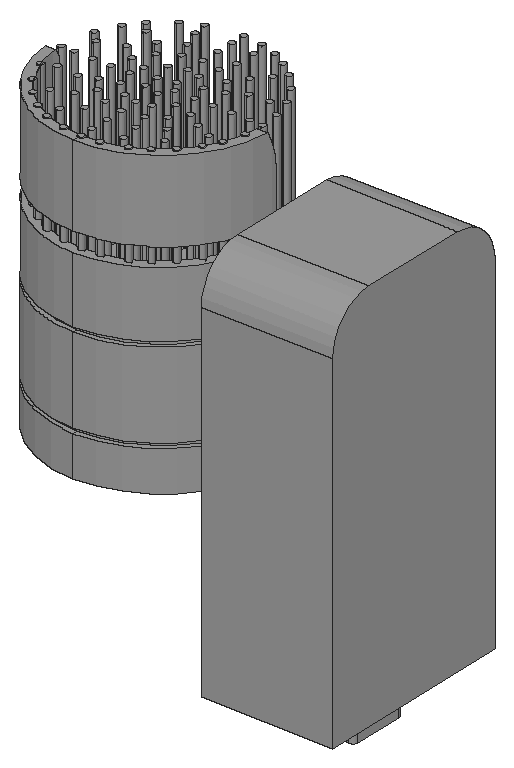
Revit family "Alcon - 13127SM Revit - Family", category Generic Models, host Face, Revit 2025
Family settings
  Host = Face
  Can host rebar = No
  Round Connector Dimension = Use Diameter
  Part Type = Normal
  Cut with Voids When Loaded = No
  Maintain Annotation Orientation = No
  Shared = No
  Room Calculation Point = No
Parameters
  URL = "https://www.alconlighting.com/?srsltid=AfmBOooDPhGQ0dEP-X2PMtxFfvvWpIAEL4jCll_O2F4_to5onvhnBomy"
  Product Page URL = "https://www.alconlighting.com/13127-led-track-head.html"
  Model = "13127-SM"
  Manufacturer = "ALCON Lighting"
  Fixture Rotation = 90.00°
  Default Elevation = 4' - 0"
  Body = Default
Reference planes (in)
  plane 1 "Center (Front/Back)": y = 0
  plane 2: z = 0
  plane 3 "Center (Left/Right)": x = 0
Forms (in)
  Extrusion 1, solid, material "Default" <- "Body"
    sketch origin (0, -2.01929, 6.375) x (0, -1, 0) y (0, 0, -1)
      loop
        line (-3.26929, 5.875) -> (-3.26929, 1.56096)
        arc (-3.26929, 1.56096) -> (-3.10499, 1.1643) -> (-2.70833, 1) r 0.56096
        line (-2.70833, 1) -> (-1.33179, 1)
        arc (-1.33179, 1) -> (-0.93404, 1.16475) -> (-0.76929, 1.5625) r 0.5625
        line (-0.76929, 1.5625) -> (-0.76929, 5.875) -> (-3.26929, 5.875)
    from 0 to 1.625
  Extrusion 2, solid, material "Default" <- "Body"
    sketch origin (0.8125, 0, 0.5) x (0, 1, 0) y (1, 0, 0)
      loop
        arc (-0.375, -0.3125) -> (-0.35669, -0.35669) -> (-0.3125, -0.375) r 0.0625
        line (-0.3125, -0.375) -> (0.3125, -0.375)
        arc (0.3125, -0.375) -> (0.35669, -0.35669) -> (0.375, -0.3125) r 0.0625
        line (0.375, -0.3125) -> (0.375, 0.3125)
        arc (0.375, 0.3125) -> (0.35669, 0.35669) -> (0.3125, 0.375) r 0.0625
        line (0.3125, 0.375) -> (-0.3125, 0.375)
        arc (-0.3125, 0.375) -> (-0.35669, 0.35669) -> (-0.375, 0.3125) r 0.0625
        line (-0.375, 0.3125) -> (-0.375, -0.3125)
    from 0 to 0.5
Lines and regions (in)
  reference lines
    curve 1: line (0, 5.251, 4.25) -> (0, -6.499, 4.25)
Dimensions and locks (in)
  "Fixture Rotation": angle nested 1 to curve 1
  aligned and locked: plane 2 to host face
  aligned and locked: level to host face
Automatic sketch dimensions
  host sketch curve to host sketch curve = 8' - 0"  (x2)
  Extrusion 1 sketch curve to plane 1 "Center (Front/Back)" = 0' - 1 1/4"
  Extrusion 1 sketch curve to plane 1 "Center (Front/Back)" = 0' - 0.68904"
  plane 1 "Center (Front/Back)" to Extrusion 1 sketch curve = 0' - 0 11/16"
  level to Extrusion 1 sketch curve = 0' - 0 1/2"
  plane 1 "Center (Front/Back)" to Extrusion 1 sketch curve = 0' - 1 1/4"
  Extrusion 1 sketch curve to Extrusion 1 sketch curve = 0' - 4 5/16"
  plane 1 "Center (Front/Back)" to Extrusion 2 sketch curve = 0' - 0 3/8"
  Extrusion 2 sketch curve to Extrusion 2 sketch curve = 0' - 0 1/16"  (x3)
  Extrusion 2 sketch curve to plane 1 "Center (Front/Back)" = 0' - 0 5/16"  (x2)
  plane 3 "Center (Left/Right)" to Extrusion 2 sketch curve = 0' - 1 3/16"
  plane 3 "Center (Left/Right)" to Extrusion 2 sketch curve = 0' - 0 1/2"
  plane 1 "Center (Front/Back)" to curve 1 = 0' - 6.499"
  level to curve 1 = 0' - 4 1/4"
  curve 1 to plane 1 "Center (Front/Back)" = 0' - 5.251"
Nested families (in)
  nested 1: "Alcon - 13127SM Cylinder" at (-1.48977, 0, 5.20065) x (0, 0, 1) z (1, 0, 0), type "Alcon - 13127SM Cylinder"
    with built-in parameter 1001306 0.25745 (stored number, unit not read)
Definition of nested family "Alcon - 13127SM Cylinder"
  Parameters (values of type "Alcon - 13127SM Cylinder")
    Wattage = 9.2903 W
    built-in parameter 1150110 = 1 (stored number, unit not read)
    built-in parameter 1114217 = 1 (stored number, unit not read)
    Tilt Angle = 60.00°
    built-in parameter 1150109 = 1 (stored number, unit not read)
    built-in parameter 1150134 = 3
    built-in parameter 1150113 = 1 (stored number, unit not read)
    built-in parameter 1010507 = 1.5708 (stored number, unit not read)
    built-in parameter 1010506 = 0.5236 (stored number, unit not read)
    built-in parameter 1150105 = 4614.1 (stored number, unit not read)
    Lumens = 1380 lm
    built-in parameter 1150115 = 1 (stored number, unit not read)
    Light Source Symbol Length = 10' - 0"
    built-in parameter 1150137 = (empty or 0)
    built-in parameter 1150139 = (empty or 0)
    built-in parameter 1001306 [instance] = 4' - 0"
    built-in parameter 1150112 = 1 (stored number, unit not read)
    built-in parameter 1150114 = 1 (stored number, unit not read)
    built-in parameter 1150132 = (empty or 0)
    built-in parameter 1150102 = (empty or 0)
    built-in parameter 1150107 = 3200 (stored number, unit not read)
    built-in parameter 1150138 = (empty or 0)
    built-in parameter 1150106 = 46.141 (stored number, unit not read)
    Glass = none
    built-in parameter 1150104 = 13.8 (stored number, unit not read)
    Dimming Lamp Color Temperature Shift = (empty or 0)
    Default Elevation = 0' - 0"
    Color Filter = 16777215
    Body = none
    built-in parameter 1114218 = 1 (stored number, unit not read)
    built-in parameter 1150133 = 10 (stored number, unit not read)
  Reference planes (in)
    plane 1 "Center (Front/Back)": y = 0
    plane 2: z = 0
    plane 3 "Left": x = 0
    plane 4 "Right": x = 48
  Forms (in)
    Revolve 1, solid, material <- "Body"
      sketch origin (1, 0, 0) x (-1, 0, 0) y (0, -1, 0)
        loop
          line (0, -1.37302) -> (2.0625, -1.37302) -> (2.0625, -1.31052) -> (2.125, -1.31052) -> (2.125, -1.37302) -> (3.1875, -1.37302) -> (3.1875, -1.31052) -> (3.25, -1.31052) -> (3.25, -1.37302) -> (3.75, -1.37302) -> (3.75, -1.24802) -> (3.5, -1.24802) -> (3.5, -0.99802) -> (3.375, -0.99802) -> (3.375, -1.24802) -> (2.375, -1.24802) -> (2.375, 0) -> (1.95065, 0) -> (1.95065, -1.24802) -> (0, -1.24802) -> (0, -1.37302)
        axis (0, 0) -> (3.75, 0)
      angle from 0 to 360
    Extrusion 2, void
      sketch origin (1, 0, 0) x (-1, 0, 0) y (0, -1, 0)
        loop
          line (1.02283, -0.34158) -> (0.99157, -2.19958) -> (1.26241, -2.19958) -> (1.23115, -0.34158)
          arc (1.23115, -0.34158) -> (1.12699, -0.23916) -> (1.02283, -0.34158) r 0.10417
        loop
          line (-0.36011, 2.30042) -> (-0.36011, -0.48714)
          arc (-0.36011, -0.48714) -> (-0.02066, -0.09687) -> (0.47572, 0.04855) r 0.91992
          line (0.47572, 0.04855) -> (1.0487, 0.04855)
          arc (1.0487, 0.04855) -> (1.36905, 0.17213) -> (1.52339, 0.47885) r 0.47698
          line (1.52339, 0.47885) -> (1.6707, 2.30042) -> (-0.36011, 2.30042)
      from -3.16902 to 2.81842
    Extrusion 3, solid, material <- "Body"
      sketch origin (0, 0, 0) x (0, 1, 0) y (0, 0, -1)
        loop
          circle (0, -0.16088) r 0.03919
        loop
          circle (0.14853, -0.06474) r 0.03919
        loop
          circle (0.09498, 0.1287) r 0.03919
        loop
          circle (-0.09201, 0.13168) r 0.03919
        loop
          circle (-0.13366, -0.07218) r 0.03919
        loop
          circle (0, -0.40207) r 0.03919
        loop
          circle (0.40207, 0) r 0.03919
        loop
          circle (0, 0.40207) r 0.03919
        loop
          circle (-0.40207, 0) r 0.03919
        loop
          circle (-0.21306, -0.34097) r 0.03919
        loop
          circle (-0.36731, -0.16353) r 0.03919
        loop
          circle (-0.33564, 0.19837) r 0.03919
        loop
          circle (-0.16936, 0.36466) r 0.03919
        loop
          circle (0.20655, 0.34495) r 0.03919
        loop
          circle (0.36466, 0.16936) r 0.03919
        loop
          circle (0.36466, -0.16936) r 0.03919
        loop
          circle (0.21031, -0.34268) r 0.03919
        loop
          circle (0, -0.63014) r 0.03919
        loop
          circle (-0.63014, 0) r 0.03919
        loop
          circle (0, 0.63014) r 0.03919
        loop
          circle (0.63014, 0) r 0.03919
        loop
          circle (0.45328, -0.43773) r 0.03919
        loop
          circle (-0.45328, -0.43773) r 0.03919
        loop
          circle (0.45328, 0.43773) r 0.03919
        loop
          circle (-0.45328, 0.43773) r 0.03919
        loop
          circle (0.58425, 0.23605) r 0.03919
        loop
          circle (0.58425, -0.25541) r 0.03919
        loop
          circle (0.27057, -0.56909) r 0.03919
        loop
          circle (-0.27057, -0.56909) r 0.03919
        loop
          circle (-0.58658, -0.23021) r 0.03919
        loop
          circle (-0.58658, 0.23021) r 0.03919
        loop
          circle (-0.24782, 0.56897) r 0.03919
        loop
          circle (0.27083, 0.56897) r 0.03919
        loop
          circle (0, -0.85821) r 0.03919
        loop
          circle (0.85821, 0) r 0.03919
        loop
          circle (0, 0.85821) r 0.03919
        loop
          circle (-0.85821, 0) r 0.03919
        loop
          circle (-0.63777, -0.57425) r 0.03919
        loop
          circle (0.63777, -0.57425) r 0.03919
        loop
          circle (0.63777, 0.57425) r 0.03919
        loop
          circle (-0.63777, 0.57425) r 0.03919
        loop
          circle (-0.78624, 0.31709) r 0.03919
        loop
          circle (-0.78624, -0.29517) r 0.03919
        loop
          circle (-0.3943, -0.76227) r 0.03919
        loop
          circle (0.3943, -0.76227) r 0.03919
        loop
          circle (0.79931, -0.31246) r 0.03919
        loop
          circle (0.79931, 0.31246) r 0.03919
        loop
          circle (0.35195, 0.75982) r 0.03919
        loop
          circle (-0.39899, 0.75982) r 0.03919
        loop
          circle (0, -1.08628) r 0.03919
        loop
          circle (0, 1.08628) r 0.03919
        loop
          circle (1.08628, 0) r 0.03919
        loop
          circle (-1.08628, 0) r 0.03919
        loop
          circle (-0.80726, -0.72686) r 0.03919
        loop
          circle (-0.40693, -1.00718) r 0.03919
        loop
          circle (-1.0442, -0.29942) r 0.03919
        loop
          circle (0.83214, -0.69825) r 0.03919
        loop
          circle (0.48908, -0.96995) r 0.03919
        loop
          circle (1.02858, -0.34933) r 0.03919
        loop
          circle (0.96995, 0.48908) r 0.03919
        loop
          circle (0.73665, 0.79834) r 0.03919
        loop
          circle (0.32306, 1.03713) r 0.03919
        loop
          circle (-0.74501, 0.79055) r 0.03919
        loop
          circle (-1.01048, 0.39867) r 0.03919
        loop
          circle (-0.29086, 1.04662) r 0.03919
        loop
          circle (-0.00167, -1.24928) r 0.03919
        loop
          circle (1.25262, -0.00334) r 0.03919
        loop
          circle (-0.00167, 1.24761) r 0.03919
        loop
          circle (-1.26096, 0) r 0.03919
        loop
          circle (-0.93671, -0.82441) r 0.03919
        loop
          circle (-0.49978, -1.14189) r 0.03919
        loop
          circle (-1.17359, -0.45473) r 0.03919
        loop
          circle (-1.24241, -0.24053) r 0.03919
        loop
          circle (-1.07095, -0.63901) r 0.03919
        loop
          circle (-0.73276, -1.00723) r 0.03919
        loop
          circle (-0.24431, -1.22001) r 0.03919
        loop
          circle (0.88179, -0.88351) r 0.03919
        loop
          circle (0.49449, -1.14486) r 0.03919
        loop
          circle (1.14653, -0.50116) r 0.03919
        loop
          circle (0.2405, -1.22176) r 0.03919
        loop
          circle (0.6754, -1.03981) r 0.03919
        loop
          circle (1.03814, -0.69709) r 0.03919
        loop
          circle (1.23488, -0.22174) r 0.03919
        loop
          circle (0.87627, 0.89738) r 0.03919
        loop
          circle (1.16025, 0.49979) r 0.03919
        loop
          circle (0.38699, 1.19359) r 0.03919
        loop
          circle (1.23021, 0.23592) r 0.03919
        loop
          circle (1.04205, 0.70128) r 0.03919
        loop
          circle (0.67625, 1.06374) r 0.03919
        loop
          circle (-0.87476, 0.89977) r 0.03919
        loop
          circle (-1.18825, 0.42636) r 0.03919
        loop
          circle (-0.42655, 1.17972) r 0.03919
        loop
          circle (-0.68448, 1.0499) r 0.03919
        loop
          circle (-1.08105, 0.65667) r 0.03919
      from -1 to 0.95065
    Revolve 4, solid, material <- "Glass"
      sketch origin (2, 0, 0) x (-1, 0, 0) y (0, -1, 0)
        loop
          line (4.375, -1) -> (4.5, -1) -> (4.5, 0) -> (4.375, 0) -> (4.375, -1)
        axis (4.375, 0) -> (4.5, 0)
      angle from 0 to 360
    Extrusion 5, solid
      sketch origin (-3.75, 0, 1.56192) x (0, -1, 0) y (-1, 0, 0)
        loop
          circle (0, -2.79935) r 0.46426
      from 0.33799 to -0.29502
  Cuts and joins
    Extrusion 2 cuts Revolve 1
  Lines and regions (in)
    reference lines
      curve 1: line (0, 0, 0) -> (48, 0, 0)
    model lines
      curve 2: line (2.46713, 0, 0) -> (14.21713, 0, 0)
      curve 3: line (-0.95065, -0.00198, 0) -> (-15.45065, -0.00198, 0)
  Dimensions and locks (in)
    "built-in parameter 1001306": plane 3 "Left" to plane 4 "Right"
    aligned and locked: plane 4 "Right" to curve 1
    aligned and locked: plane 1 "Center (Front/Back)" to curve 1
    aligned and locked: plane 3 "Left" to curve 1
    aligned and locked: level to plane 2
  Automatic sketch dimensions
    curve 2 to level = 0' - 0"
    plane 3 "Left" to curve 2 = 0' - 2.46713"
    curve 2 to curve 2 = 0' - 11 3/4"
    plane 3 "Left" to Extrusion 2 sketch curve = 0' - 1.36011"
    plane 3 "Left" to Extrusion 2 sketch curve = 0' - 0.52428"
    plane 3 "Left" to Extrusion 2 sketch curve = 0' - 0.00843"
    Extrusion 2 sketch curve to plane 3 "Left" = 0' - 0.02283"
    Extrusion 2 sketch curve to plane 3 "Left" = 0' - 0.0487"
    Extrusion 2 sketch curve to Extrusion 2 sketch curve = 0' - 0.10416"  (x2)
    Extrusion 2 sketch curve to plane 3 "Left" = 0' - 0.26241"
    Extrusion 2 sketch curve to Extrusion 2 sketch curve = 0' - 0.47469"
    Extrusion 2 sketch curve to plane 3 "Left" = 0' - 0.6707"
    Extrusion 2 sketch curve to plane 1 "Center (Front/Back)" = 0' - 2.19958"
    Extrusion 2 sketch curve to plane 1 "Center (Front/Back)" = 0' - 0.87137"
    Extrusion 2 sketch curve to plane 1 "Center (Front/Back)" = 0' - 0.48714"
    Extrusion 2 sketch curve to plane 1 "Center (Front/Back)" = 0' - 0.34333"
    Extrusion 2 sketch curve to Extrusion 2 sketch curve = 0' - 0.00175"
    plane 1 "Center (Front/Back)" to Extrusion 2 sketch curve = 0' - 0.47885"
    Extrusion 2 sketch curve to Extrusion 2 sketch curve = 0' - 1.77489"
    plane 1 "Center (Front/Back)" to Extrusion 5 sketch curve = 0' - 0"
    Extrusion 5 sketch curve to plane 3 "Left" = 0' - 0.95065"
    plane 1 "Center (Front/Back)" to Revolve 1 sketch curve = 0' - 0"  (x2)
    plane 3 "Left" to Revolve 1 sketch curve = 0' - 1"
    Revolve 1 sketch curve to plane 3 "Left" = 0' - 0.95065"
    Revolve 1 sketch curve to Revolve 1 sketch curve = 0' - 0.11185"
    Revolve 1 sketch curve to Revolve 1 sketch curve = 0' - 0 1/16"  (x6)
    Revolve 1 sketch curve to Revolve 1 sketch curve = 0' - 0.42435"
    Revolve 1 sketch curve to Revolve 1 sketch curve = 0' - 0 13/16"
    Revolve 1 sketch curve to Revolve 1 sketch curve = 0' - 0 1/8"  (x2)
    Revolve 1 sketch curve to Revolve 1 sketch curve = 0' - 0 1/4"  (x2)
    Revolve 1 sketch curve to plane 1 "Center (Front/Back)" = 0' - 0.99802"
    Revolve 1 sketch curve to Revolve 1 sketch curve = 0' - 1.24802"
    Revolve 1 sketch curve to Revolve 1 sketch curve = 0' - 0"  (x2)
    Revolve 1 sketch curve to Revolve 1 sketch curve = 0' - 2"
    Revolve 1 sketch curve to Revolve 1 sketch curve = 0' - 1 1/4"
    plane 1 "Center (Front/Back)" to curve 3 = 0' - 0.00198"
    curve 3 to plane 3 "Left" = 1' - 3.45065"
    curve 3 to plane 3 "Left" = 0' - 0.95065"
    plane 1 "Center (Front/Back)" to Revolve 4 sketch curve = 0' - 0"  (x2)
    Revolve 4 sketch curve to plane 1 "Center (Front/Back)" = 0' - 1"
    Revolve 4 sketch curve to plane 3 "Left" = 0' - 2 3/8"
    Revolve 4 sketch curve to Revolve 4 sketch curve = 0' - 0 1/8"
    Revolve 4 sketch curve to Revolve 4 sketch curve = 0' - 0.41901"
    Revolve 4 sketch curve to Revolve 4 sketch curve = 0' - 0.80418"
    Extrusion 3 sketch curve to level = 0' - 0"  (x9)
    Extrusion 3 sketch curve to plane 1 "Center (Front/Back)" = 0' - 0"  (x9)
    plane 1 "Center (Front/Back)" to Extrusion 3 sketch curve = 0' - 0.00167"  (x2)
    plane 1 "Center (Front/Back)" to Extrusion 3 sketch curve = 0' - 0.09201"
    plane 1 "Center (Front/Back)" to Extrusion 3 sketch curve = 0' - 0.13366"
    plane 1 "Center (Front/Back)" to Extrusion 3 sketch curve = 0' - 0.16936"
    plane 1 "Center (Front/Back)" to Extrusion 3 sketch curve = 0' - 0.21306"
    plane 1 "Center (Front/Back)" to Extrusion 3 sketch curve = 0' - 0.24431"
    Extrusion 3 sketch curve to Extrusion 3 sketch curve = 0' - 0.07846"
    Extrusion 3 sketch curve to Extrusion 3 sketch curve = 0' - 0.0575"
    plane 1 "Center (Front/Back)" to Extrusion 3 sketch curve = 0' - 0.29086"
    Extrusion 3 sketch curve to Extrusion 3 sketch curve = 0' - 0.16628"  (x2)
    Extrusion 3 sketch curve to Extrusion 3 sketch curve = 0' - 0.15424"
    Extrusion 3 sketch curve to Extrusion 3 sketch curve = 0' - 0.12373"  (x2)
    Extrusion 3 sketch curve to Extrusion 3 sketch curve = 0' - 0.15117"
    Extrusion 3 sketch curve to Extrusion 3 sketch curve = 0' - 0.03476"
    Extrusion 3 sketch curve to Extrusion 3 sketch curve = 0' - 0.01263"
    Extrusion 3 sketch curve to Extrusion 3 sketch curve = 0' - 0.13569"
    Extrusion 3 sketch curve to Extrusion 3 sketch curve = 0' - 0.18272"  (x2)
    Extrusion 3 sketch curve to Extrusion 3 sketch curve = 0' - 0.20546"
    Extrusion 3 sketch curve to Extrusion 3 sketch curve = 0' - 0.09285"
    Extrusion 3 sketch curve to Extrusion 3 sketch curve = 0' - 0.21928"
    Extrusion 3 sketch curve to Extrusion 3 sketch curve = 0' - 0.1333"
    Extrusion 3 sketch curve to Extrusion 3 sketch curve = 0' - 0.22807"  (x12)
    Extrusion 3 sketch curve to Extrusion 3 sketch curve = 0' - 0.18449"  (x4)
    Extrusion 3 sketch curve to Extrusion 3 sketch curve = 0' - 0.25793"
    Extrusion 3 sketch curve to Extrusion 3 sketch curve = 0' - 0.23297"
    Extrusion 3 sketch curve to Extrusion 3 sketch curve = 0' - 0.10724"
    Extrusion 3 sketch curve to Extrusion 3 sketch curve = 0' - 0.19966"  (x2)
    Extrusion 3 sketch curve to Extrusion 3 sketch curve = 0' - 0.16949"
    Extrusion 3 sketch curve to Extrusion 3 sketch curve = 0' - 0.12975"
    Extrusion 3 sketch curve to Extrusion 3 sketch curve = 0' - 0.12944"
    Extrusion 3 sketch curve to Extrusion 3 sketch curve = 0' - 0.22423"
    Extrusion 3 sketch curve to Extrusion 3 sketch curve = 0' - 0.25796"
    Extrusion 3 sketch curve to Extrusion 3 sketch curve = 0' - 0.13424"
    Extrusion 3 sketch curve to Extrusion 3 sketch curve = 0' - 0.07057"
    Extrusion 3 sketch curve to Extrusion 3 sketch curve = 0' - 0.12939"
    Extrusion 3 sketch curve to Extrusion 3 sketch curve = 0' - 0.17777"
    Extrusion 3 sketch curve to Extrusion 3 sketch curve = 0' - 0.19821"
    Extrusion 3 sketch curve to Extrusion 3 sketch curve = 0' - 0.17468"
    Extrusion 3 sketch curve to plane 1 "Center (Front/Back)" = 0' - 0.09498"
    level to Extrusion 3 sketch curve = 0' - 0.06474"
    Extrusion 3 sketch curve to plane 1 "Center (Front/Back)" = 0' - 0.14853"
    Extrusion 3 sketch curve to plane 1 "Center (Front/Back)" = 0' - 0.20655"
    Extrusion 3 sketch curve to plane 1 "Center (Front/Back)" = 0' - 0.21031"
    Extrusion 3 sketch curve to plane 1 "Center (Front/Back)" = 0' - 0.2405"
    Extrusion 3 sketch curve to Extrusion 3 sketch curve = 0' - 0.06026"
    Extrusion 3 sketch curve to Extrusion 3 sketch curve = 0' - 0.06428"
    Extrusion 3 sketch curve to plane 1 "Center (Front/Back)" = 0' - 0.32306"
    Extrusion 3 sketch curve to Extrusion 3 sketch curve = 0' - 0.08111"
    Extrusion 3 sketch curve to Extrusion 3 sketch curve = 0' - 0.15811"
    Extrusion 3 sketch curve to Extrusion 3 sketch curve = 0' - 0.15435"
    Extrusion 3 sketch curve to Extrusion 3 sketch curve = 0' - 0.06394"
    Extrusion 3 sketch curve to Extrusion 3 sketch curve = 0' - 0.03741"  (x2)
    Extrusion 3 sketch curve to Extrusion 3 sketch curve = 0' - 0.18245"
    Extrusion 3 sketch curve to Extrusion 3 sketch curve = 0' - 0.09478"
    Extrusion 3 sketch curve to Extrusion 3 sketch curve = 0' - 0.00541"
    Extrusion 3 sketch curve to Extrusion 3 sketch curve = 0' - 0.13097"
    Extrusion 3 sketch curve to Extrusion 3 sketch curve = 0' - 0.2196"
    Extrusion 3 sketch curve to Extrusion 3 sketch curve = 0' - 0.18631"
    Extrusion 3 sketch curve to Extrusion 3 sketch curve = 0' - 0.28926"
    Extrusion 3 sketch curve to Extrusion 3 sketch curve = 0' - 0.09888"
    Extrusion 3 sketch curve to Extrusion 3 sketch curve = 0' - 0.21505"  (x2)
    Extrusion 3 sketch curve to Extrusion 3 sketch curve = 0' - 0.19437"
    Extrusion 3 sketch curve to Extrusion 3 sketch curve = 0' - 0.13961"
    Extrusion 3 sketch curve to Extrusion 3 sketch curve = 0' - 0.04965"
    Extrusion 3 sketch curve to Extrusion 3 sketch curve = 0' - 0.17064"
    Extrusion 3 sketch curve to Extrusion 3 sketch curve = 0' - 0.22927"
    Extrusion 3 sketch curve to Extrusion 3 sketch curve = 0' - 0.20601"
    Extrusion 3 sketch curve to Extrusion 3 sketch curve = 0' - 0.0721"
    Extrusion 3 sketch curve to Extrusion 3 sketch curve = 0' - 0.11796"
    Extrusion 3 sketch curve to Extrusion 3 sketch curve = 0' - 0.1903"
    Extrusion 3 sketch curve to Extrusion 3 sketch curve = 0' - 0.06995"
    Extrusion 3 sketch curve to Extrusion 3 sketch curve = 0' - 0.2063"
    level to Extrusion 3 sketch curve = 0' - 0.00334"
    Extrusion 3 sketch curve to Extrusion 3 sketch curve = 0' - 0.16634"
    level to Extrusion 3 sketch curve = 0' - 0.07218"
    Extrusion 3 sketch curve to Extrusion 3 sketch curve = 0' - 0.08871"
    level to Extrusion 3 sketch curve = 0' - 0.16353"
    level to Extrusion 3 sketch curve = 0' - 0.16936"
    Extrusion 3 sketch curve to Extrusion 3 sketch curve = 0' - 0.21841"
    Extrusion 3 sketch curve to Extrusion 3 sketch curve = 0' - 0.06667"
    level to Extrusion 3 sketch curve = 0' - 0.24053"
    Extrusion 3 sketch curve to Extrusion 3 sketch curve = 0' - 0.08605"
    Extrusion 3 sketch curve to Extrusion 3 sketch curve = 0' - 0.06496"
    Extrusion 3 sketch curve to Extrusion 3 sketch curve = 0' - 0.05889"
    Extrusion 3 sketch curve to Extrusion 3 sketch curve = 0' - 0.05706"
    Extrusion 3 sketch curve to Extrusion 3 sketch curve = 0' - 0.17744"
    Extrusion 3 sketch curve to Extrusion 3 sketch curve = 0' - 0.17331"
    Extrusion 3 sketch curve to Extrusion 3 sketch curve = 0' - 0.03687"
    Extrusion 3 sketch curve to Extrusion 3 sketch curve = 0' - 0.05939"
    Extrusion 3 sketch curve to Extrusion 3 sketch curve = 0' - 0.20752"  (x2)
    Extrusion 3 sketch curve to Extrusion 3 sketch curve = 0' - 0.18232"
    Extrusion 3 sketch curve to Extrusion 3 sketch curve = 0' - 0.15531"
    Extrusion 3 sketch curve to Extrusion 3 sketch curve = 0' - 0.15183"
    Extrusion 3 sketch curve to Extrusion 3 sketch curve = 0' - 0.13136"  (x2)
    Extrusion 3 sketch curve to Extrusion 3 sketch curve = 0' - 0.13652"  (x4)
    Extrusion 3 sketch curve to Extrusion 3 sketch curve = 0' - 0.18428"
    Extrusion 3 sketch curve to Extrusion 3 sketch curve = 0' - 0.19592"
    Extrusion 3 sketch curve to Extrusion 3 sketch curve = 0' - 0.00116"
    Extrusion 3 sketch curve to Extrusion 3 sketch curve = 0' - 0.15261"
    Extrusion 3 sketch curve to Extrusion 3 sketch curve = 0' - 0.19317"  (x2)
    Extrusion 3 sketch curve to Extrusion 3 sketch curve = 0' - 0.09755"
    Extrusion 3 sketch curve to Extrusion 3 sketch curve = 0' - 0.18526"
    Extrusion 3 sketch curve to Extrusion 3 sketch curve = 0' - 0.20768"
    Extrusion 3 sketch curve to Extrusion 3 sketch curve = 0' - 0.24492"
    Extrusion 3 sketch curve to Extrusion 3 sketch curve = 0' - 0.18282"
    Extrusion 3 sketch curve to Extrusion 3 sketch curve = 0' - 0.06986"
    Extrusion 3 sketch curve to Extrusion 3 sketch curve = 0' - 0.13471"
    Extrusion 3 sketch curve to Extrusion 3 sketch curve = 0' - 0.17491"
    Extrusion 3 sketch curve to Extrusion 3 sketch curve = 0' - 0 5/64"
    Extrusion 3 sketch curve to Extrusion 3 sketch curve = 0' - 0.0769"
    Extrusion 3 sketch curve to Extrusion 3 sketch curve = 0' - 0.163"
    Extrusion 3 sketch curve to level = 0' - 0.1287"
    Extrusion 3 sketch curve to level = 0' - 0.13168"
    Extrusion 3 sketch curve to level = 0' - 0.16936"
    Extrusion 3 sketch curve to level = 0' - 0.19837"
    Extrusion 3 sketch curve to level = 0' - 0.23021"
    Extrusion 3 sketch curve to level = 0' - 0.23592"
    Extrusion 3 sketch curve to Extrusion 3 sketch curve = 0' - 0.06669"
    Extrusion 3 sketch curve to Extrusion 3 sketch curve = 0' - 0.07641"
    Extrusion 3 sketch curve to Extrusion 3 sketch curve = 0' - 0.08688"
    Extrusion 3 sketch curve to Extrusion 3 sketch curve = 0' - 0.17559"
    Extrusion 3 sketch curve to Extrusion 3 sketch curve = 0' - 0.08158"
    Extrusion 3 sketch curve to Extrusion 3 sketch curve = 0' - 0.02769"
    Extrusion 3 sketch curve to Extrusion 3 sketch curve = 0' - 0.20168"
    Extrusion 3 sketch curve to Extrusion 3 sketch curve = 0' - 0.17662"
    Extrusion 3 sketch curve to Extrusion 3 sketch curve = 0' - 0.01071"
    Extrusion 3 sketch curve to Extrusion 3 sketch curve = 0' - 0.13124"
    Extrusion 3 sketch curve to Extrusion 3 sketch curve = 0' - 0.20431"
    Extrusion 3 sketch curve to Extrusion 3 sketch curve = 0' - 0.2303"
    Extrusion 3 sketch curve to Extrusion 3 sketch curve = 0' - 0.21219"
    Extrusion 3 sketch curve to Extrusion 3 sketch curve = 0' - 0.19086"  (x2)
    Extrusion 3 sketch curve to Extrusion 3 sketch curve = 0' - 0.21629"
    Extrusion 3 sketch curve to Extrusion 3 sketch curve = 0' - 0.22409"
    Extrusion 3 sketch curve to Extrusion 3 sketch curve = 0' - 0.09904"
    Extrusion 3 sketch curve to Extrusion 3 sketch curve = 0' - 0.10922"
    Extrusion 3 sketch curve to Extrusion 3 sketch curve = 0' - 0.27731"
    Extrusion 3 sketch curve to Extrusion 3 sketch curve = 0' - 0.28679"
    Extrusion 3 sketch curve to Extrusion 3 sketch curve = 0' - 0.15013"
    Extrusion 3 sketch curve to Extrusion 3 sketch curve = 0' - 0.16636"
    Extrusion 3 sketch curve to Extrusion 3 sketch curve = 0' - 0.13311"
    Extrusion 3 sketch curve to Extrusion 3 sketch curve = 0' - 0.15646"
    Extrusion 3 sketch curve to Extrusion 3 sketch curve = 0' - 0.16133"
    radius of Extrusion 5 sketch curve = 0' - 0.46426"
    radius of Extrusion 3 sketch curve = 0' - 0.03919"  (x94)
